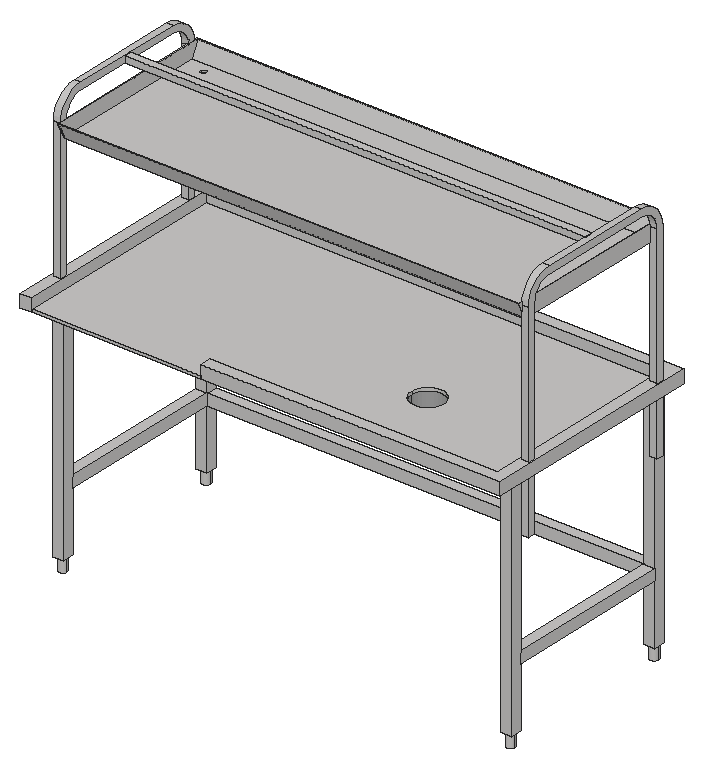
Revit family "QF_ELECTROLUXPROFESSIONAL_865336_BHST1708R", category Attrezzature speciali, Revit 2020
Family settings
  Quota connettore circolare = Usa diametro
  Tipo di parte = Normale
  Basato su piano di lavoro = No
  Sempre verticale = Sì
  Taglio con vuoti quando caricato = No
  Condiviso = No
  Punto di calcolo locali = No
Parameters (values of type "Standard")
  Weight = 14.00 kg
  Watts = 0 W
  Volts = 0 V
  URL Manufacturer = "https://www.electroluxprofessional.com/"
  URL = "https://www.electroluxprofessional.com/"
  Steam Supply Size = 0 mm
  Steam Supply Minimum Pressure = 0.0 Pa
  Steam Supply Maximum Pressure = 0.0 Pa
  Steam Consumption per Hour = 0
  Refrigeration Suction Line Size = 0 mm
  Refrigeration Liquid Line Size = 0 mm
  Refrigerant Compressor Remote = yes
  Prospetto di default = 0 mm
  Produttore = "Electrolux Professional"
  Phase = 0
  Modello = "BHST1708R"
  Length Actual = 1700 mm  # constant formula
  Item Number = "865336"
  Hot Water Size = 0 mm
  Height Actual = 1551 mm  # constant formula
  HP = "0 HP"
  Gas Size = 0 mm
  Gas KW = 0
  Gas Input Pressure = 0 W
  Direct Waste Size = 0 mm
  Description = "SORTING TABLE, RIGHT>LEFT, 1700X800 MM "
  Depth Actual = 800 mm  # constant formula
  Cycle = 0 Hz
  Condensate Return Size = 0 mm
  Compressed Air Volume = 0.0 L/s
  Compressed Air Size = 0 mm
  Compressed Air Pressure = 0.0 Pa
  Cold Water Size = 0 mm
  Accessory = yes
Reference planes
  plane 1 "Centro (Fronte/Retro)": y = 0
  plane 2: z = 0
  plane 3 "Centro (Sinistra/Destra)": x = 0
  plane 4: x = 850
  plane 5: z = 1492
  plane 6: x = 20
  plane 7: y = -379.5
  plane 8: x = 56
  plane 9: x = 944
  plane 10: y = -60
  plane 11: y = -695
  plane 12: x = 1700
  plane 13: x = 1644
Forms (mm)
  Extrusion 1, solid, material "QF_Finishes_Stainless Steel"
    sketch origin (0, 0, 865) x (1, 0, 0) y (0, 1, 0)
      loop
        line (40, -814) -> (640, -814) -> (640, -774) -> (1660, -774) -> (1660, -40) -> (40, -40) -> (40, -814)
    from 0 to 10
  Extrusion 2, solid, material "QF_Finishes_Stainless Steel"
    sketch origin (-964, -40, 0) x (1, 0, 0) y (0, 1, 0)
      loop
        line (1000, 0) -> (1000, -40) -> (1040, -40) -> (1040, 0) -> (1000, 0)
    from 45 to 865
  Extrusion 3, solid, material "QF_Finishes_Stainless Steel"
    sketch origin (-964, -40, 0) x (1, 0, 0) y (0, 1, 0)
      loop
        circle (1020, -20) r 15
    from 0 to 45
  Extrusion 4, solid, material "QF_Finishes_Stainless Steel"
    sketch origin (-964, -675, 0) x (1, 0, 0) y (0, 1, 0)
      loop
        line (1000, 0) -> (1000, -40) -> (1040, -40) -> (1040, 0) -> (1000, 0)
    from 45 to 865
  Extrusion 5, solid, material "QF_Finishes_Stainless Steel"
    sketch origin (-964, -675, 0) x (1, 0, 0) y (0, 1, 0)
      loop
        circle (1020, -20) r 15
    from 0 to 45
  Extrusion 6, solid, material "QF_Finishes_Stainless Steel"
    sketch origin (0, 0, 0) x (1, 0, 0) y (0, 0, 1)
      loop
        line (76, 259.624) -> (1624, 259.624) -> (1624, 299.579) -> (76, 299.579) -> (76, 259.624)
    from 40 to 80
  Extrusion 7, solid, material "QF_Finishes_Stainless Steel"
    sketch origin (36, 0, 0) x (0, 1, 0) y (0, 0, 1)
      loop
        line (-80, 299.579) -> (-675, 299.579) -> (-675, 259.579) -> (-80, 259.579) -> (-80, 299.579)
    from 0 to 40
  Extrusion 8, solid, material "QF_Finishes_Stainless Steel"
    sketch origin (0, 0, 865) x (1, 0, 0) y (0, 1, 0)
      loop
        line (0, 0) -> (0, -814) -> (40, -814) -> (40, -40) -> (1660, -40) -> (1660, -774) -> (640, -774) -> (640, -814) -> (1700, -814) -> (1700, 0) -> (0, 0)
    from 0 to 45
  Sweep 9, solid, material "QF_Finishes_Stainless Steel"
    path origin (0, 0, -12) x (0, 1, 0) y (0, 0, 1)
      loop
        line (-95, 682) -> (-95, 1412)
        arc (-95, 1412) -> (-118.431, 1468.569) -> (-175, 1492) r 80
        line (-175, 1492) -> (-584, 1492)
        arc (-584, 1492) -> (-640.569, 1468.569) -> (-664, 1412) r 80
        line (-664, 1412) -> (-664, 682)
    profile origin (0, -95, 1035) x (0, -1, 0) y (1, 0, 0)
      loop
        line (-12, 8) -> (12, 8) -> (12, 32) -> (-12, 32) -> (-12, 8)
  Extrusion 10, solid, material "QF_Finishes_Stainless Steel"
    sketch origin (0, 0, -12) x (0, 1, 0) y (0, 0, 1)
      loop
        line (-367.5, 1504) -> (-391.5, 1504) -> (-391.5, 1480) -> (-367.5, 1480) -> (-367.5, 1504)
    from 32 to 1668
  Extrusion 11, void
    sketch origin (32, 0, -6.687) x (0, 1, 0) y (0, 0, 1)
      loop
        line (-56.629, 1444.891) -> (-702.371, 1444.891) -> (-663.034, 1360.532) -> (-95.966, 1360.532) -> (-56.629, 1444.891)
    from 3.287 to 1634
  Extrusion 12, solid, material "QF_Finishes_Stainless Steel"
    sketch origin (32, 0, -12) x (0, 1, 0) y (0, 0, 1)
      loop
        line (-70.92, 1418.976) -> (-688.08, 1418.976) -> (-661.76, 1362.532) -> (-97.24, 1362.532) -> (-70.92, 1418.976)
    from 0 to 1636
  Extrusion 13, void
    sketch origin (0, 0, -12) x (1, 0, 0) y (0, 1, 0)
      loop
        circle (108.268, -136.161) r 12
    from 1301.755 to 1377.519
  Extrusion 14, solid, material "QF_Finishes_Stainless Steel"
    sketch origin (0, 0, -12) x (1, 0, 0) y (0, 1, 0)
      loop
        circle (108.21, -136.146) r 13
    from 1316.037 to 1362.532
  Extrusion 15, void
    sketch origin (0, 0, -12) x (1, 0, 0) y (0, 1, 0)
      loop
        circle (108.268, -136.161) r 10
    from 1301.755 to 1377.519
  Extrusion 16, solid, material "QF_Finishes_Stainless Steel"
    sketch origin (2664, -40, 0) x (-1, 0, 0) y (0, -1, 0)
      loop
        line (1000, 0) -> (1040, 0) -> (1040, 40) -> (1000, 40) -> (1000, 0)
    from 45 to 865
  Extrusion 17, solid, material "QF_Finishes_Stainless Steel"
    sketch origin (2664, -40, 0) x (-1, 0, 0) y (0, -1, 0)
      loop
        circle (1020, 20) r 15
    from 0 to 45
  Extrusion 18, solid, material "QF_Finishes_Stainless Steel"
    sketch origin (2664, -675, 0) x (-1, 0, 0) y (0, -1, 0)
      loop
        line (1000, 0) -> (1040, 0) -> (1040, 40) -> (1000, 40) -> (1000, 0)
    from 45 to 865
  Extrusion 19, solid, material "QF_Finishes_Stainless Steel"
    sketch origin (2664, -675, 0) x (-1, 0, 0) y (0, -1, 0)
      loop
        circle (1020, 20) r 15
    from 0 to 45
  Sweep 20, solid, material "QF_Finishes_Stainless Steel"
    path origin (1700, 0, -12) x (0, 1, 0) y (0, 0, -1)
      loop
        line (-95, -682) -> (-95, -1412)
        arc (-95, -1412) -> (-118.431, -1468.569) -> (-175, -1492) r 80
        line (-175, -1492) -> (-584, -1492)
        arc (-584, -1492) -> (-640.569, -1468.569) -> (-664, -1412) r 80
        line (-664, -1412) -> (-664, -682)
    profile origin (1700, -95, 1035) x (0, 1, 0) y (-1, 0, 0)
      loop
        line (12, 8) -> (12, 32) -> (-12, 32) -> (-12, 8) -> (12, 8)
  Extrusion 21, solid, material "QF_Finishes_Stainless Steel"
    sketch origin (1664, 0, 0) x (0, 1, 0) y (0, 0, -1)
      loop
        line (-80, -299.579) -> (-80, -259.579) -> (-675, -259.579) -> (-675, -299.579) -> (-80, -299.579)
    from 0 to 40
  Extrusion 22, void
    sketch origin (600, -30, 0) x (1, 0, 0) y (0, 1, 0)
      loop
        circle (610, -490) r 58
    from 674.596 to 947.421
Cuts and joins
  Extrusion 11, Extrusion 15 cuts Extrusion 12
  Extrusion 13 cuts Extrusion 14
  Extrusion 22 cuts Extrusion 1
Dimensions and locks
  plane 5 to level = 1492 mm  (x2)
  Extrusion 6 to Extrusion 6 = 39.955 mm
  Extrusion 2 to Extrusion 4 = 595 mm
  plane 10 to plane 11 = 635 mm
  Extrusion 8 to plane 12 = 1700 mm
  plane 12 to plane 3 "Centro (Sinistra/Destra)" = 1700 mm
  plane 13 to plane 8 = 1588 mm
  Extrusion 18 to Extrusion 4 = 1548 mm
  cut or joined group of Extrusion 1, Extrusion 22 to plane 1 "Centro (Fronte/Retro)" = 814 mm
  Sweep 9 to Sweep 9 = 545 mm
  Extrusion 8 to Extrusion 8 = 814 mm
  aligned and locked: level to plane 2
  aligned and locked: Extrusion 3 to Extrusion 2
  aligned and locked: Extrusion 5 to Extrusion 4
  aligned and locked: Extrusion 10 to Sweep 9
  aligned and locked: Extrusion 16 to Extrusion 17
  aligned and locked: Extrusion 18 to Extrusion 19
Nested families
  nested 1: "FORO_IMMONDIZIE - 200" at (1210, -520, 863.471), type "FORO_IMMONDIZIE - 200"
Definition of nested family "FORO_IMMONDIZIE - 200"
  Parameters (values of type "FORO_IMMONDIZIE - 200")
    Default Elevation = 1219.2 mm
  Reference planes
    plane 1 "Centro (Fronte/Retro)": y = 0
    plane 2: z = 0
    plane 3 "Centro (Sinistra/Destra)": x = 0
    plane 4: z = -110
  Forms (mm)
    Extrusion 1, solid, not visible
      sketch origin (0, 0, 0) x (1, 0, 0) y (0, 1, 0)
        loop
          line (-1219.2, 1219.2) -> (-1219.2, -1219.2) -> (1219.2, -1219.2) -> (1219.2, 1219.2) -> (-1219.2, 1219.2)
      from 0 to -304.8
    Extrusion 2, solid
      sketch origin (0, 0, 0) x (1, 0, 0) y (0, 1, 0)
        loop
          circle (0, 0) r 60
        loop
          circle (0, 0) r 90
      from -110 to 1.529
  Dimensions and locks
    aligned and locked: plane 2 to Extrusion 1
    aligned and locked: level to Extrusion 1
